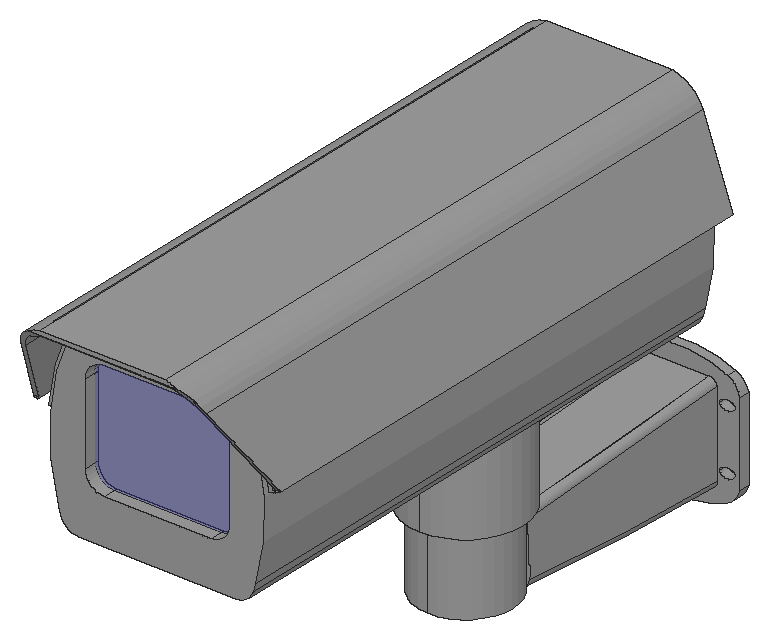
Revit family "SDP-856_RV17_LOD_400", category Электрооборудование, Revit 2017
Family settings
  Конфигурация панели = Два столбца, слева направо
  Размер круглого соединителя = Использовать диаметр
  Тип детали = Щит
  На основе рабочей плоскости = Да
  Всегда вертикально = Нет
  При загрузке вырезать с полостями = Нет
  Общий = Нет
  Точка расчета площади = Нет
Parameters (values of type "SDP-856")
  Чувствительность при светосиле F1.2, Люкс (ч/б) = 0.001
  Чувствительность при светосиле F1.2, Люкс (Цвет) = "0.01"
  Фокусное расстояние объектива, мм = "10-50"
  Управление = "Веб-интерфейс ,Stil-VS"
  Тип крепления объектива = "C/CS"
  Смещение_УГО_Y [instance] = 0 mm
  Смехение_УГО_X [instance] = 0 mm
  Скорость электронного затвора, с = "1/5 – 1/50000"
  Скорость передачи = "50Kбит/с~12Mбит/с"
  Сжатие изображения = "Н.265/ H.264 /MJPEG"
  Сетевой интерфейс = "1 RJ45 10М/100М Ethernet порт"
  Режим день/ночь = "Механический ИК-фильтр с автопереключением"
  Раздел проекта [instance] = ""
  Раздел Спецификации [instance] = ""
  Поддерживаемые сетевые протоколы = "IPv4/IPv6, RTSP/RTP/RTCP, TCP/UDP, HTTP, DHCP, DNS, FTP, DDNS, PPPoE, SMTP, QOS, HTTPS, 802.1x, SNMP, ONVIF2.6.1"
  Default Elevation = 1219.2 mm
  Объектив = "Вариофокальный с автодиафрагмой"
  Напряжение = "12"
  Мощность = "10"
  Матрица = "1/1,8\" Progressive Scan CMOS"
  Максимальное разрешение, пикс = "2592х1944"
  Диапазон рабочих температур, °С = "от –40 до +50"
  Диапазон изменения диафрагмы = "F2-360"
  Горизонтальные углы обзора, ˚ = "40,53-8,49"
  Габаритные размеры с кронштейном, мм = "450x255x140"
  Габаритные размеры без кронштейном, мм = "403x163x140"
  Вертикальный угол [instance] = 0.00°
  В_Смещение_УГО_Y [instance] = Смещение_УГО_Y + 2000 mm  # 2000 mm
  В_Смещение_УГО_X [instance] = Смехение_УГО_X + 2000 mm  # 2000 mm
  В_Вертикальный угол [instance] = if(and(Вертикальный угол > -50.01°, not(Вертикальный угол > 20.00°)), Вертикальный угол, 0.00°)  # 0.00°
  ADSK_Примечание = ""
  ADSK_Наименование = "IP-видеокамера SDP-856"
  ADSK_Масса = 3
  ADSK_Марка = "СТАЕ.426459.037-06"
  ADSK_Количество = 1
  ADSK_Код изделия = ""
  ADSK_Завод-изготовитель = "ООО «Основа Безопасности»"  # constant formula
  ADSK_Единица измерения = "шт."  # constant formula
  ADSK_URL страницы изделия = "https://stilsoft.ru/products/sdp-856"
  ADSK_URL документации изделия = ""
Reference planes
  plane 1 "По центру (Вперед/Назад)": y = 0
  plane 2: z = 0
  plane 3 "По центру (Влево/Вправо)": x = 0
  plane 4 "1": z = 97
  plane 5: y = -175.181
  plane 6: z = 92
  plane 7: y = 0
  plane 8: x = 0
  plane 9: y = 2000
  plane 10: x = -2000
Lines and regions (mm)
  reference lines
    curve 1: line (0, -175.181, 97) -> (0, -370.181, 97)
Dimensions and locks
  locked: plane 9 to plane 1 "По центру (Вперед/Назад)" at 2000
  locked: plane 10 to plane 3 "По центру (Влево/Вправо)" at 2000
  "В_Смещение_УГО_X": plane 10 to plane 8
  "В_Смещение_УГО_Y": plane 9 to plane 7
  "В_Вертикальный угол": angle plane 6 to curve 1
  aligned and locked: level to plane 2
  aligned and locked: plane 5 to curve 1
  aligned and locked: plane 4 "1" to curve 1
  aligned and locked: nested 3 to plane 7
  aligned and locked: plane 8 to nested 3
Nested families
  nested 1: "кронштейн 856" at (0, 0, 0), type "кронштейн CI-800"
  nested 2: "объектив 856_RV17_1" at (0, -175, 97), type "объектив_856"
  nested 3: "УГО_камера" at (0, 0, 0), type "УГО_камера", detail levels coarse
Definition of nested family "кронштейн 856"
  Reference planes
    plane 1 "По центру (Вперед/Назад)": y = 0
    plane 2: z = 0
    plane 3 "По центру (Влево/Вправо)": x = 0
    plane 4 "вверх": z = 97
    plane 5: y = -175
  Forms (mm)
    Extrusion 1, solid, detail levels medium+fine
      sketch origin (0, 0, 0) x (1, 0, 0) y (0, 0, 1)
        loop
          line (40, -26.5) -> (40, 26.5)
          arc (40, 26.5) -> (37.275, 32.187) -> (32.285, 36.042) r 13.646
          arc (32.285, 36.042) -> (0, 43) -> (-32.285, 36.042) r 78.382
          arc (-32.285, 36.042) -> (-37.275, 32.187) -> (-40, 26.5) r 13.646
          line (-40, 26.5) -> (-40, -26.5)
          arc (-40, -26.5) -> (-37.275, -32.187) -> (-32.285, -36.042) r 13.646
          arc (-32.285, -36.042) -> (0, -43) -> (32.285, -36.042) r 78.382
          arc (32.285, -36.042) -> (37.275, -32.187) -> (40, -26.5) r 13.646
        loop
          line (15, 31) -> (-15, 31)
          arc (-15, 31) -> (-20.222, 29.099) -> (-23, 24.285) r 8.123
          line (-23, 24.285) -> (-23, -24.693)
          arc (-23, -24.693) -> (-20.094, -29.234) -> (-15, -31) r 8.227
          line (-15, -31) -> (15, -31)
          arc (15, -31) -> (20.094, -29.234) -> (23, -24.693) r 8.227
          line (23, -24.693) -> (23, 24.285)
          arc (23, 24.285) -> (20.222, 29.099) -> (15, 31) r 8.123
        loop
          spline (37.045, 19.382) -> (36.874, 20.242) -> (36.375, 21.044) -> (35.58, 21.732) -> (34.545, 22.26) -> (33.339, 22.593) -> (32.045, 22.706) -> (30.751, 22.593) -> (29.545, 22.26) -> (28.509, 21.732) -> (27.715, 21.044) -> (27.215, 20.242) -> (27.045, 19.382)
          spline (27.045, 19.382) -> (27.215, 18.522) -> (27.715, 17.72) -> (28.509, 17.032) -> (29.545, 16.504) -> (30.751, 16.171) -> (32.045, 16.058) -> (33.339, 16.171) -> (34.545, 16.504) -> (35.58, 17.032) -> (36.375, 17.72) -> (36.874, 18.522) -> (37.045, 19.382)
        loop
          spline (37.045, -19.382) -> (36.874, -18.522) -> (36.375, -17.72) -> (35.58, -17.032) -> (34.545, -16.504) -> (33.339, -16.171) -> (32.045, -16.058) -> (30.751, -16.171) -> (29.545, -16.504) -> (28.509, -17.032) -> (27.715, -17.72) -> (27.215, -18.522) -> (27.045, -19.382)
          spline (27.045, -19.382) -> (27.215, -20.242) -> (27.715, -21.044) -> (28.509, -21.732) -> (29.545, -22.26) -> (30.751, -22.593) -> (32.045, -22.706) -> (33.339, -22.593) -> (34.545, -22.26) -> (35.58, -21.732) -> (36.375, -21.044) -> (36.874, -20.242) -> (37.045, -19.382)
        loop
          spline (-37.045, 19.382) -> (-36.874, 18.522) -> (-36.375, 17.72) -> (-35.58, 17.032) -> (-34.545, 16.504) -> (-33.339, 16.171) -> (-32.045, 16.058) -> (-30.751, 16.171) -> (-29.545, 16.504) -> (-28.509, 17.032) -> (-27.715, 17.72) -> (-27.215, 18.522) -> (-27.045, 19.382)
          spline (-27.045, 19.382) -> (-27.215, 20.242) -> (-27.715, 21.044) -> (-28.509, 21.732) -> (-29.545, 22.26) -> (-30.751, 22.593) -> (-32.045, 22.706) -> (-33.339, 22.593) -> (-34.545, 22.26) -> (-35.58, 21.732) -> (-36.375, 21.044) -> (-36.874, 20.242) -> (-37.045, 19.382)
        loop
          spline (-37.045, -19.382) -> (-36.874, -20.242) -> (-36.375, -21.044) -> (-35.58, -21.732) -> (-34.545, -22.26) -> (-33.339, -22.593) -> (-32.045, -22.706) -> (-30.751, -22.593) -> (-29.545, -22.26) -> (-28.509, -21.732) -> (-27.715, -21.044) -> (-27.215, -20.242) -> (-27.045, -19.382)
          spline (-27.045, -19.382) -> (-27.215, -18.522) -> (-27.715, -17.72) -> (-28.509, -17.032) -> (-29.545, -16.504) -> (-30.751, -16.171) -> (-32.045, -16.058) -> (-33.339, -16.171) -> (-34.545, -16.504) -> (-35.58, -17.032) -> (-36.375, -17.72) -> (-36.874, -18.522) -> (-37.045, -19.382)
      from 0 to 6.5
    Extrusion 2, solid, detail levels medium+fine
      sketch origin (0, 0, 97) x (-1, 0, 0) y (0, -1, 0)
        loop
          line (40, 220) -> (-40, 220) -> (-40, 140)
          arc (-40, 140) -> (-37.67, 136.421) -> (-33.925, 134.368) r 8.766
          arc (-33.925, 134.368) -> (0.089, 130) -> (34.102, 134.368) r 134.608
          arc (34.102, 134.368) -> (37.781, 136.42) -> (40, 140) r 8.399
          line (40, 140) -> (40, 220)
        loop
          circle (0, 175.181) r 33
        loop
          circle (28.563, 145.26) r 4.5
        loop
          circle (-28.563, 145.26) r 4.5
        loop
          circle (28.563, 206.85) r 4.5
        loop
          circle (-28.563, 206.85) r 4.5
      from 0 to -7
    SweptBlend 3, solid, detail levels medium+fine
      path origin (0, 0, 0) x (0, 1, 0) y (0, 0, 1)
        loop
          arc (-6.5, 32) -> (-81.412, 25.857) -> (-156.5, 22.5) r 2024.342
      profile origin (0, -6.5, 32) x (0, 0.100212, -0.994966) y (1, 0, 0)
        loop
          line (0, 20) -> (0, -20)
          arc (0, -20) -> (1.464, -23.536) -> (5, -25) r 5
          line (5, -25) -> (59.331, -25)
          arc (59.331, -25) -> (62.866, -23.536) -> (64.331, -20) r 5
          line (64.331, -20) -> (64.331, 20)
          arc (64.331, 20) -> (62.866, 23.536) -> (59.331, 25) r 5
          line (59.331, 25) -> (5, 25)
          arc (5, 25) -> (1.464, 23.536) -> (0, 20) r 5
      end profile origin (0, -156.5, 22.5) x (0, 0.026114, -0.999659) y (1, 0, 0)
        loop
          arc (0, -20) -> (1.464, -23.536) -> (5, -25) r 5
          line (5, -25) -> (40, -25)
          arc (40, -25) -> (43.536, -23.536) -> (45, -20) r 5
          line (45, -20) -> (45, 20)
          arc (45, 20) -> (43.536, 23.536) -> (40, 25) r 5
          line (40, 25) -> (5, 25)
          arc (5, 25) -> (1.464, 23.536) -> (0, 20) r 5
          line (0, 20) -> (0, -20)
    Revolve 4, solid, detail levels medium+fine
      sketch origin (0, 0, 0) x (0, 1, 0) y (0, 0, 1)
        loop
          line (-175, 34) -> (-205, 34) -> (-205, -23.3) -> (-199.21, -26) -> (-185.702, -26) -> (-183.843, -27.86) -> (-175, -27.86) -> (-175, 34)
        axis (-175, 34) -> (-175, -27.86)
      angle from 0 to 360
    Revolve 5, solid, detail levels medium+fine
      sketch origin (0, 0, 0) x (0, 1, 0) y (0, 0, 1)
        loop
          line (-175, 90) -> (-211.5, 90) -> (-211.5, 26) -> (-175, 26) -> (-175, 90)
        axis (-175, 90) -> (-175, 26)
      angle from 0 to 360
  Cuts and joins
    joined: SweptBlend 3, Revolve 4
  Dimensions and locks
    aligned and locked: level to plane 2
Definition of nested family "объектив 856_RV17_1"
  Parameters (values of type "объектив_856")
    Default Elevation = 1219.2 mm
    ADSK_Размер_Ширина = 163 mm
    ADSK_Размер_Длина = 403 mm
    ADSK_Размер_Высота = 140 mm
  Reference planes
    plane 1 "По центру (Вперед/Назад)": y = 0
    plane 2: z = 0
    plane 3 "По центру (Влево/Вправо)": x = 0
    plane 4: y = 115
    plane 5 "2": y = -288
    plane 6 "3": x = -81.5
    plane 7: x = 81.5
    plane 8: z = 140
  Forms (mm)
    Extrusion 1, solid
      sketch origin (0, 0, 0) x (1, 0, 0) y (0, 1, 0)
        loop
          line (-1219.2, 1219.2) -> (-1219.2, -1219.2) -> (1219.2, -1219.2) -> (1219.2, 1219.2) -> (-1219.2, 1219.2)
      from 0 to -304.8
    Extrusion 2, solid, detail levels fine
      sketch origin (0, -235, 0) x (-1, 0, 0) y (0, 0, 1)
        loop
          arc (-34, 103.5) -> (-42.485, 99.985) -> (-46, 91.5) r 12
          line (-46, 91.5) -> (-46, 40.5)
          arc (-46, 40.5) -> (-42.485, 32.015) -> (-34, 28.5) r 12
          line (-34, 28.5) -> (34, 28.5)
          arc (34, 28.5) -> (42.485, 32.015) -> (46, 40.5) r 12
          line (46, 40.5) -> (46, 90.5)
          arc (46, 90.5) -> (42.846, 99.627) -> (34, 103.5) r 12.038
          line (34, 103.5) -> (-34, 103.5)
      from -2.157 to 0
    Extrusion 3, void, detail levels medium+fine
      sketch origin (-25.618, -245, 0) x (-1, 0, 0) y (0, 0, 1)
        loop
          arc (-59.618, 103.5) -> (-68.103, 99.985) -> (-71.618, 91.5) r 12
          line (-71.618, 91.5) -> (-71.618, 40.5)
          arc (-71.618, 40.5) -> (-68.103, 32.015) -> (-59.618, 28.5) r 12
          line (-59.618, 28.5) -> (8.382, 28.5)
          arc (8.382, 28.5) -> (16.867, 32.015) -> (20.382, 40.5) r 12
          line (20.382, 40.5) -> (20.382, 91.5)
          arc (20.382, 91.5) -> (16.867, 99.985) -> (8.382, 103.5) r 12
          line (8.382, 103.5) -> (-59.618, 103.5)
      from 0 to 10
    Extrusion 4, solid, detail levels medium+fine
      sketch origin (0, -245, 0) x (-1, 0, 0) y (0, 0, 1)
        loop
          arc (50, 0) -> (57.189, 2.392) -> (61.512, 8.614) r 12
          line (61.512, 8.614) -> (62.923, 13.41)
          arc (62.923, 13.41) -> (68.279, 64.455) -> (55.156, 114.074) r 142.131
          line (55.156, 114.074) -> (49.739, 124.705)
          arc (49.739, 124.705) -> (45.339, 130.361) -> (38.5, 132.5) r 12
          line (38.5, 132.5) -> (-38.5, 132.5)
          arc (-38.5, 132.5) -> (-45.428, 130.298) -> (-49.813, 124.501) r 12
          line (-49.813, 124.501) -> (-55.156, 114.074)
          arc (-55.156, 114.074) -> (-68.308, 64.079) -> (-62.708, 12.686) r 142.131
          line (-62.708, 12.686) -> (-61.249, 7.822)
          arc (-61.249, 7.822) -> (-56.851, 2.148) -> (-50, 0) r 12
          line (-50, 0) -> (50, 0)
      from 0 to 357
    Extrusion 5, solid, detail levels fine
      sketch origin (-0.209, -242, 0.071) x (-1, 0, 0) y (0, 0, 1)
        loop
          arc (38.578, 132.557) -> (45.415, 130.431) -> (49.841, 124.802) r 12.055
          line (49.841, 124.802) -> (54.994, 114.075)
          arc (54.994, 114.075) -> (64.004, 90.706) -> (68.009, 65.983) r 120.955
          line (68.009, 65.983) -> (71.199, 66.175)
          arc (71.199, 66.175) -> (67.1, 91.51) -> (57.876, 115.46) r 124.075
          line (57.876, 115.46) -> (52.723, 126.187)
          arc (52.723, 126.187) -> (47.181, 133.257) -> (38.603, 135.929) r 15.104
          line (38.603, 135.929) -> (-38.269, 135.929)
          arc (-38.269, 135.929) -> (-47.09, 133.239) -> (-52.909, 126.084) r 15.807
          line (-52.909, 126.084) -> (-58.306, 115.554)
          arc (-58.306, 115.554) -> (-66.525, 91.35) -> (-71.618, 66.302) r 201.782
          line (-71.618, 66.302) -> (-68.168, 66.004)
          arc (-68.168, 66.004) -> (-63.792, 90.618) -> (-55.171, 114.084) r 142.14
          line (-55.171, 114.084) -> (-49.83, 124.506)
          arc (-49.83, 124.506) -> (-45.437, 130.34) -> (-38.479, 132.557) r 12.027
          line (-38.479, 132.557) -> (38.578, 132.557)
      from 0 to 355
    Extrusion 6, solid, detail levels fine
      sketch origin (-0.376, -288, -0.281) x (1, 0, 0) y (0, 0, 1)
        loop
          line (-40, 137) -> (40, 137)
          arc (40, 137) -> (50.459, 131.347) -> (57.085, 121.475) r 24.798
          line (57.085, 121.475) -> (75.896, 69.792) -> (78.715, 70.818) -> (59.375, 123.956)
          arc (59.375, 123.956) -> (51.865, 134.608) -> (40, 140) r 24.875
          line (40, 140) -> (-40, 140)
          arc (-40, 140) -> (-51.865, 134.608) -> (-59.375, 123.956) r 24.875
          line (-59.375, 123.956) -> (-78.715, 70.818) -> (-75.896, 69.792) -> (-57.085, 121.475)
          arc (-57.085, 121.475) -> (-50.459, 131.347) -> (-40, 137) r 24.798
      from 0 to -403
    Extrusion 7, void
      sketch origin (-81.5, 0, 1.054) x (0, -1, 0) y (0, 0, 1)
        loop
          line (245, 69.792) -> (245, 67.946) -> (289, 67.946) -> (289, 136) -> (288, 136) -> (245, 69.792)
      from 0 to -170
    Extrusion 8, solid, not visible, detail levels fine
      sketch origin (0, -235, 0) x (-1, 0, 0) y (0, 0, 1)
        loop
          arc (-34, 103.5) -> (-42.485, 99.985) -> (-46, 91.5) r 12
          line (-46, 91.5) -> (-46, 40.5)
          arc (-46, 40.5) -> (-42.485, 32.015) -> (-34, 28.5) r 12
          line (-34, 28.5) -> (34, 28.5)
          arc (34, 28.5) -> (42.485, 32.015) -> (46, 40.5) r 12
          line (46, 40.5) -> (46, 90.5)
          arc (46, 90.5) -> (42.846, 99.627) -> (34, 103.5) r 12.038
          line (34, 103.5) -> (-34, 103.5)
      from 0 to 3
    Extrusion 9, void, not visible, detail levels medium+fine
      sketch origin (0, -245, 0) x (-1, 0, 0) y (0, 0, 1)
        loop
          arc (-34, 103.5) -> (-42.485, 99.985) -> (-46, 91.5) r 12
          line (-46, 91.5) -> (-46, 40.5)
          arc (-46, 40.5) -> (-42.485, 32.015) -> (-34, 28.5) r 12
          line (-34, 28.5) -> (34, 28.5)
          arc (34, 28.5) -> (42.485, 32.015) -> (46, 40.5) r 12
          line (46, 40.5) -> (46, 91.5)
          arc (46, 91.5) -> (42.485, 99.985) -> (34, 103.5) r 12
          line (34, 103.5) -> (-34, 103.5)
      from 0 to 10
    Extrusion 10, solid, not visible, detail levels medium+fine
      sketch origin (0, -245, 0) x (-1, 0, 0) y (0, 0, 1)
        loop
          arc (50, 0) -> (57.189, 2.392) -> (61.512, 8.614) r 12
          line (61.512, 8.614) -> (62.923, 13.41)
          arc (62.923, 13.41) -> (68.279, 64.455) -> (55.156, 114.074) r 142.131
          line (55.156, 114.074) -> (49.739, 124.705)
          arc (49.739, 124.705) -> (45.339, 130.361) -> (38.5, 132.5) r 12
          line (38.5, 132.5) -> (-38.5, 132.5)
          arc (-38.5, 132.5) -> (-45.428, 130.298) -> (-49.813, 124.501) r 12
          line (-49.813, 124.501) -> (-55.156, 114.074)
          arc (-55.156, 114.074) -> (-68.308, 64.079) -> (-62.708, 12.686) r 142.131
          line (-62.708, 12.686) -> (-61.249, 7.822)
          arc (-61.249, 7.822) -> (-56.851, 2.148) -> (-50, 0) r 12
          line (-50, 0) -> (50, 0)
      from 0 to 357
    Extrusion 11, solid, not visible, detail levels fine
      sketch origin (0, -242, 0) x (-1, 0, 0) y (0, 0, 1)
        loop
          arc (38.578, 132.557) -> (45.415, 130.431) -> (49.841, 124.802) r 12.055
          line (49.841, 124.802) -> (54.994, 114.075)
          arc (54.994, 114.075) -> (64.004, 90.706) -> (68.009, 65.983) r 120.955
          line (68.009, 65.983) -> (71.199, 66.175)
          arc (71.199, 66.175) -> (67.1, 91.51) -> (57.876, 115.46) r 124.075
          line (57.876, 115.46) -> (52.723, 126.187)
          arc (52.723, 126.187) -> (47.181, 133.257) -> (38.603, 135.929) r 15.104
          line (38.603, 135.929) -> (-38.269, 135.929)
          arc (-38.269, 135.929) -> (-47.09, 133.239) -> (-52.909, 126.084) r 15.807
          line (-52.909, 126.084) -> (-58.306, 115.554)
          arc (-58.306, 115.554) -> (-66.525, 91.35) -> (-71.618, 66.302) r 201.782
          line (-71.618, 66.302) -> (-68.168, 66.004)
          arc (-68.168, 66.004) -> (-63.792, 90.618) -> (-55.171, 114.084) r 142.14
          line (-55.171, 114.084) -> (-49.83, 124.506)
          arc (-49.83, 124.506) -> (-45.437, 130.34) -> (-38.479, 132.557) r 12.027
          line (-38.479, 132.557) -> (38.578, 132.557)
      from 0 to 355
    Extrusion 12, solid, not visible, detail levels fine
      sketch origin (0, -288, 0) x (1, 0, 0) y (0, 0, 1)
        loop
          line (-40, 137) -> (40, 137)
          arc (40, 137) -> (50.459, 131.347) -> (57.085, 121.475) r 24.798
          line (57.085, 121.475) -> (75.896, 69.792) -> (78.715, 70.818) -> (59.375, 123.956)
          arc (59.375, 123.956) -> (51.865, 134.608) -> (40, 140) r 24.875
          line (40, 140) -> (-40, 140)
          arc (-40, 140) -> (-51.865, 134.608) -> (-59.375, 123.956) r 24.875
          line (-59.375, 123.956) -> (-78.715, 70.818) -> (-75.896, 69.792) -> (-57.085, 121.475)
          arc (-57.085, 121.475) -> (-50.459, 131.347) -> (-40, 137) r 24.798
      from 0 to -403
    Extrusion 13, void, not visible
      sketch origin (-81.5, 0, 0) x (0, -1, 0) y (0, 0, 1)
        loop
          line (245, 69.792) -> (245, 67.946) -> (289, 67.946) -> (289, 136) -> (288, 136) -> (245, 69.792)
      from 0 to -170
    Extrusion 14, solid, not visible
      sketch origin (0, 0, 0) x (1, 0, 0) y (0, 1, 0)
        loop
          circle (0, 0) r 35
      from 0 to -1
    Extrusion 15, solid, not visible, detail levels fine
      sketch origin (0, -235, 0) x (-1, 0, 0) y (0, 0, 1)
        loop
          arc (-34, 103.5) -> (-42.485, 99.985) -> (-46, 91.5) r 12
          line (-46, 91.5) -> (-46, 40.5)
          arc (-46, 40.5) -> (-42.485, 32.015) -> (-34, 28.5) r 12
          line (-34, 28.5) -> (34, 28.5)
          arc (34, 28.5) -> (42.485, 32.015) -> (46, 40.5) r 12
          line (46, 40.5) -> (46, 90.5)
          arc (46, 90.5) -> (42.846, 99.627) -> (34, 103.5) r 12.038
          line (34, 103.5) -> (-34, 103.5)
      from 0 to 3
    Extrusion 16, void, not visible, detail levels medium+fine
      sketch origin (0, -245, 0) x (-1, 0, 0) y (0, 0, 1)
        loop
          arc (-34, 103.5) -> (-42.485, 99.985) -> (-46, 91.5) r 12
          line (-46, 91.5) -> (-46, 40.5)
          arc (-46, 40.5) -> (-42.485, 32.015) -> (-34, 28.5) r 12
          line (-34, 28.5) -> (34, 28.5)
          arc (34, 28.5) -> (42.485, 32.015) -> (46, 40.5) r 12
          line (46, 40.5) -> (46, 91.5)
          arc (46, 91.5) -> (42.485, 99.985) -> (34, 103.5) r 12
          line (34, 103.5) -> (-34, 103.5)
      from 0 to 10
    Extrusion 17, solid, not visible, detail levels medium+fine
      sketch origin (0, -245, 0) x (-1, 0, 0) y (0, 0, 1)
        loop
          arc (50, 0) -> (57.189, 2.392) -> (61.512, 8.614) r 12
          line (61.512, 8.614) -> (62.923, 13.41)
          arc (62.923, 13.41) -> (68.279, 64.455) -> (55.156, 114.074) r 142.131
          line (55.156, 114.074) -> (49.739, 124.705)
          arc (49.739, 124.705) -> (45.339, 130.361) -> (38.5, 132.5) r 12
          line (38.5, 132.5) -> (-38.5, 132.5)
          arc (-38.5, 132.5) -> (-45.428, 130.298) -> (-49.813, 124.501) r 12
          line (-49.813, 124.501) -> (-55.156, 114.074)
          arc (-55.156, 114.074) -> (-68.308, 64.079) -> (-62.708, 12.686) r 142.131
          line (-62.708, 12.686) -> (-61.249, 7.822)
          arc (-61.249, 7.822) -> (-56.851, 2.148) -> (-50, 0) r 12
          line (-50, 0) -> (50, 0)
      from 0 to 357
    Extrusion 18, solid, not visible, detail levels fine
      sketch origin (0, -242, 0) x (-1, 0, 0) y (0, 0, 1)
        loop
          arc (38.578, 132.557) -> (45.415, 130.431) -> (49.841, 124.802) r 12.055
          line (49.841, 124.802) -> (54.994, 114.075)
          arc (54.994, 114.075) -> (64.004, 90.706) -> (68.009, 65.983) r 120.955
          line (68.009, 65.983) -> (71.199, 66.175)
          arc (71.199, 66.175) -> (67.1, 91.51) -> (57.876, 115.46) r 124.075
          line (57.876, 115.46) -> (52.723, 126.187)
          arc (52.723, 126.187) -> (47.181, 133.257) -> (38.603, 135.929) r 15.104
          line (38.603, 135.929) -> (-38.269, 135.929)
          arc (-38.269, 135.929) -> (-47.09, 133.239) -> (-52.909, 126.084) r 15.807
          line (-52.909, 126.084) -> (-58.306, 115.554)
          arc (-58.306, 115.554) -> (-66.525, 91.35) -> (-71.618, 66.302) r 201.782
          line (-71.618, 66.302) -> (-68.168, 66.004)
          arc (-68.168, 66.004) -> (-63.792, 90.618) -> (-55.171, 114.084) r 142.14
          line (-55.171, 114.084) -> (-49.83, 124.506)
          arc (-49.83, 124.506) -> (-45.437, 130.34) -> (-38.479, 132.557) r 12.027
          line (-38.479, 132.557) -> (38.578, 132.557)
      from 0 to 355
    Extrusion 19, solid, not visible, detail levels fine
      sketch origin (0, -288, 0) x (1, 0, 0) y (0, 0, 1)
        loop
          line (-40, 137) -> (40, 137)
          arc (40, 137) -> (50.459, 131.347) -> (57.085, 121.475) r 24.798
          line (57.085, 121.475) -> (75.896, 69.792) -> (78.715, 70.818) -> (59.375, 123.956)
          arc (59.375, 123.956) -> (51.865, 134.608) -> (40, 140) r 24.875
          line (40, 140) -> (-40, 140)
          arc (-40, 140) -> (-51.865, 134.608) -> (-59.375, 123.956) r 24.875
          line (-59.375, 123.956) -> (-78.715, 70.818) -> (-75.896, 69.792) -> (-57.085, 121.475)
          arc (-57.085, 121.475) -> (-50.459, 131.347) -> (-40, 137) r 24.798
      from 0 to -403
    Extrusion 20, void, not visible
      sketch origin (-81.5, 0, 0) x (0, -1, 0) y (0, 0, 1)
        loop
          line (245, 69.792) -> (245, 67.946) -> (289, 67.946) -> (289, 136) -> (288, 136) -> (245, 69.792)
      from 0 to -170
    Extrusion 21, solid, not visible
      sketch origin (0, 0, 0) x (1, 0, 0) y (0, 1, 0)
        loop
          circle (0, 0) r 35
      from 0 to -1
    Extrusion 22, solid, not visible, detail levels fine
      sketch origin (0, -235, 0) x (-1, 0, 0) y (0, 0, 1)
        loop
          arc (-34, 103.5) -> (-42.485, 99.985) -> (-46, 91.5) r 12
          line (-46, 91.5) -> (-46, 40.5)
          arc (-46, 40.5) -> (-42.485, 32.015) -> (-34, 28.5) r 12
          line (-34, 28.5) -> (34, 28.5)
          arc (34, 28.5) -> (42.485, 32.015) -> (46, 40.5) r 12
          line (46, 40.5) -> (46, 90.5)
          arc (46, 90.5) -> (42.846, 99.627) -> (34, 103.5) r 12.038
          line (34, 103.5) -> (-34, 103.5)
      from 0 to 2
    Extrusion 23, void, not visible, detail levels medium+fine
      sketch origin (0, -245, 0) x (-1, 0, 0) y (0, 0, 1)
        loop
          arc (-34, 103.5) -> (-42.485, 99.985) -> (-46, 91.5) r 12
          line (-46, 91.5) -> (-46, 40.5)
          arc (-46, 40.5) -> (-42.485, 32.015) -> (-34, 28.5) r 12
          line (-34, 28.5) -> (34, 28.5)
          arc (34, 28.5) -> (42.485, 32.015) -> (46, 40.5) r 12
          line (46, 40.5) -> (46, 91.5)
          arc (46, 91.5) -> (42.485, 99.985) -> (34, 103.5) r 12
          line (34, 103.5) -> (-34, 103.5)
      from 0 to 10
    Extrusion 24, solid, not visible, detail levels medium+fine
      sketch origin (0, -245, 0) x (-1, 0, 0) y (0, 0, 1)
        loop
          arc (50, 0) -> (57.189, 2.392) -> (61.512, 8.614) r 12
          line (61.512, 8.614) -> (62.923, 13.41)
          arc (62.923, 13.41) -> (68.279, 64.455) -> (55.156, 114.074) r 142.131
          line (55.156, 114.074) -> (49.739, 124.705)
          arc (49.739, 124.705) -> (45.339, 130.361) -> (38.5, 132.5) r 12
          line (38.5, 132.5) -> (-38.5, 132.5)
          arc (-38.5, 132.5) -> (-45.428, 130.298) -> (-49.813, 124.501) r 12
          line (-49.813, 124.501) -> (-55.156, 114.074)
          arc (-55.156, 114.074) -> (-68.308, 64.079) -> (-62.708, 12.686) r 142.131
          line (-62.708, 12.686) -> (-61.249, 7.822)
          arc (-61.249, 7.822) -> (-56.851, 2.148) -> (-50, 0) r 12
          line (-50, 0) -> (50, 0)
      from 0 to 357
    Extrusion 25, solid, not visible, detail levels fine
      sketch origin (0, -242, 0) x (-1, 0, 0) y (0, 0, 1)
        loop
          arc (38.578, 132.557) -> (45.415, 130.431) -> (49.841, 124.802) r 12.055
          line (49.841, 124.802) -> (54.994, 114.075)
          arc (54.994, 114.075) -> (64.004, 90.706) -> (68.009, 65.983) r 120.955
          line (68.009, 65.983) -> (71.199, 66.175)
          arc (71.199, 66.175) -> (67.1, 91.51) -> (57.876, 115.46) r 124.075
          line (57.876, 115.46) -> (52.723, 126.187)
          arc (52.723, 126.187) -> (47.181, 133.257) -> (38.603, 135.929) r 15.104
          line (38.603, 135.929) -> (-38.269, 135.929)
          arc (-38.269, 135.929) -> (-47.09, 133.239) -> (-52.909, 126.084) r 15.807
          line (-52.909, 126.084) -> (-58.306, 115.554)
          arc (-58.306, 115.554) -> (-66.525, 91.35) -> (-71.618, 66.302) r 201.782
          line (-71.618, 66.302) -> (-68.168, 66.004)
          arc (-68.168, 66.004) -> (-63.792, 90.618) -> (-55.171, 114.084) r 142.14
          line (-55.171, 114.084) -> (-49.83, 124.506)
          arc (-49.83, 124.506) -> (-45.437, 130.34) -> (-38.479, 132.557) r 12.027
          line (-38.479, 132.557) -> (38.578, 132.557)
      from 0 to 355
    Extrusion 26, solid, not visible, detail levels fine
      sketch origin (0, -288, 0) x (1, 0, 0) y (0, 0, 1)
        loop
          line (-40, 137) -> (40, 137)
          arc (40, 137) -> (50.459, 131.347) -> (57.085, 121.475) r 24.798
          line (57.085, 121.475) -> (75.896, 69.792) -> (78.715, 70.818) -> (59.375, 123.956)
          arc (59.375, 123.956) -> (51.865, 134.608) -> (40, 140) r 24.875
          line (40, 140) -> (-40, 140)
          arc (-40, 140) -> (-51.865, 134.608) -> (-59.375, 123.956) r 24.875
          line (-59.375, 123.956) -> (-78.715, 70.818) -> (-75.896, 69.792) -> (-57.085, 121.475)
          arc (-57.085, 121.475) -> (-50.459, 131.347) -> (-40, 137) r 24.798
      from 0 to -403
    Extrusion 27, void, not visible
      sketch origin (-81.5, 0, -34.144) x (0, -1, 0) y (0, 0, 1)
        loop
          line (245, 69.792) -> (245, 67.946) -> (289, 67.946) -> (289, 136) -> (288, 136) -> (245, 69.792)
      from 0 to -170
    Extrusion 28, solid, not visible
      sketch origin (0, 0, -34.144) x (1, 0, 0) y (0, 1, 0)
        loop
          circle (0, 0) r 35
      from 0 to -1
    Extrusion 29, solid, not visible, detail levels fine
      sketch origin (-25.618, -235, 95.892) x (-1, 0, 0) y (0, 0, 1)
        loop
          arc (-34, 103.5) -> (-42.485, 99.985) -> (-46, 91.5) r 12
          line (-46, 91.5) -> (-46, 40.5)
          arc (-46, 40.5) -> (-42.485, 32.015) -> (-34, 28.5) r 12
          line (-34, 28.5) -> (34, 28.5)
          arc (34, 28.5) -> (42.485, 32.015) -> (46, 40.5) r 12
          line (46, 40.5) -> (46, 90.5)
          arc (46, 90.5) -> (42.846, 99.627) -> (34, 103.5) r 12.038
          line (34, 103.5) -> (-34, 103.5)
      from 0 to 2
    Extrusion 30, void, not visible, detail levels medium+fine
      sketch origin (-25.618, -245, 95.892) x (-1, 0, 0) y (0, 0, 1)
        loop
          arc (-34, 103.5) -> (-42.485, 99.985) -> (-46, 91.5) r 12
          line (-46, 91.5) -> (-46, 40.5)
          arc (-46, 40.5) -> (-42.485, 32.015) -> (-34, 28.5) r 12
          line (-34, 28.5) -> (34, 28.5)
          arc (34, 28.5) -> (42.485, 32.015) -> (46, 40.5) r 12
          line (46, 40.5) -> (46, 91.5)
          arc (46, 91.5) -> (42.485, 99.985) -> (34, 103.5) r 12
          line (34, 103.5) -> (-34, 103.5)
      from 0 to 10
    Extrusion 31, solid, not visible, detail levels medium+fine
      sketch origin (-25.618, -245, 95.892) x (-1, 0, 0) y (0, 0, 1)
        loop
          arc (50, 0) -> (57.189, 2.392) -> (61.512, 8.614) r 12
          line (61.512, 8.614) -> (62.923, 13.41)
          arc (62.923, 13.41) -> (68.279, 64.455) -> (55.156, 114.074) r 142.131
          line (55.156, 114.074) -> (49.739, 124.705)
          arc (49.739, 124.705) -> (45.339, 130.361) -> (38.5, 132.5) r 12
          line (38.5, 132.5) -> (-38.5, 132.5)
          arc (-38.5, 132.5) -> (-45.428, 130.298) -> (-49.813, 124.501) r 12
          line (-49.813, 124.501) -> (-55.156, 114.074)
          arc (-55.156, 114.074) -> (-68.308, 64.079) -> (-62.708, 12.686) r 142.131
          line (-62.708, 12.686) -> (-61.249, 7.822)
          arc (-61.249, 7.822) -> (-56.851, 2.148) -> (-50, 0) r 12
          line (-50, 0) -> (50, 0)
      from 0 to 357
    Extrusion 32, solid, not visible, detail levels fine
      sketch origin (-22.667, -242, 78.273) x (-1, 0, 0) y (0, 0, 1)
        loop
          arc (38.578, 132.557) -> (45.415, 130.431) -> (49.841, 124.802) r 12.055
          line (49.841, 124.802) -> (54.994, 114.075)
          arc (54.994, 114.075) -> (64.004, 90.706) -> (68.009, 65.983) r 120.955
          line (68.009, 65.983) -> (71.199, 66.175)
          arc (71.199, 66.175) -> (67.1, 91.51) -> (57.876, 115.46) r 124.075
          line (57.876, 115.46) -> (52.723, 126.187)
          arc (52.723, 126.187) -> (47.181, 133.257) -> (38.603, 135.929) r 15.104
          line (38.603, 135.929) -> (-38.269, 135.929)
          arc (-38.269, 135.929) -> (-47.09, 133.239) -> (-52.909, 126.084) r 15.807
          line (-52.909, 126.084) -> (-58.306, 115.554)
          arc (-58.306, 115.554) -> (-66.525, 91.35) -> (-71.618, 66.302) r 201.782
          line (-71.618, 66.302) -> (-68.168, 66.004)
          arc (-68.168, 66.004) -> (-63.792, 90.618) -> (-55.171, 114.084) r 142.14
          line (-55.171, 114.084) -> (-49.83, 124.506)
          arc (-49.83, 124.506) -> (-45.437, 130.34) -> (-38.479, 132.557) r 12.027
          line (-38.479, 132.557) -> (38.578, 132.557)
      from 0 to 355
    Extrusion 33, solid, not visible, detail levels fine
      sketch origin (-30.827, -288, 95.612) x (1, 0, 0) y (0, 0, 1)
        loop
          line (-40, 137) -> (40, 137)
          arc (40, 137) -> (50.459, 131.347) -> (57.085, 121.475) r 24.798
          line (57.085, 121.475) -> (75.896, 69.792) -> (78.715, 70.818) -> (59.375, 123.956)
          arc (59.375, 123.956) -> (51.865, 134.608) -> (40, 140) r 24.875
          line (40, 140) -> (-40, 140)
          arc (-40, 140) -> (-51.865, 134.608) -> (-59.375, 123.956) r 24.875
          line (-59.375, 123.956) -> (-78.715, 70.818) -> (-75.896, 69.792) -> (-57.085, 121.475)
          arc (-57.085, 121.475) -> (-50.459, 131.347) -> (-40, 137) r 24.798
      from 0 to -403
    Extrusion 34, void, not visible
      sketch origin (-81.5, 0, 61.749) x (0, -1, 0) y (0, 0, 1)
        loop
          line (245, 69.792) -> (245, 67.946) -> (289, 67.946) -> (289, 136) -> (288, 136) -> (245, 69.792)
      from 0 to -170
    Extrusion 35, solid, not visible, detail levels fine
      sketch origin (0, -235, 0) x (-1, 0, 0) y (0, 0, 1)
        loop
          arc (-34, 103.5) -> (-42.485, 99.985) -> (-46, 91.5) r 12
          line (-46, 91.5) -> (-46, 40.5)
          arc (-46, 40.5) -> (-42.485, 32.015) -> (-34, 28.5) r 12
          line (-34, 28.5) -> (34, 28.5)
          arc (34, 28.5) -> (42.485, 32.015) -> (46, 40.5) r 12
          line (46, 40.5) -> (46, 90.5)
          arc (46, 90.5) -> (42.846, 99.627) -> (34, 103.5) r 12.038
          line (34, 103.5) -> (-34, 103.5)
      from 0 to 2
    Extrusion 36, void, not visible, detail levels medium+fine
      sketch origin (-25.618, -245, 0) x (-1, 0, 0) y (0, 0, 1)
        loop
          arc (-59.618, 103.5) -> (-68.103, 99.985) -> (-71.618, 91.5) r 12
          line (-71.618, 91.5) -> (-71.618, 40.5)
          arc (-71.618, 40.5) -> (-68.103, 32.015) -> (-59.618, 28.5) r 12
          line (-59.618, 28.5) -> (8.382, 28.5)
          arc (8.382, 28.5) -> (16.867, 32.015) -> (20.382, 40.5) r 12
          line (20.382, 40.5) -> (20.382, 91.5)
          arc (20.382, 91.5) -> (16.867, 99.985) -> (8.382, 103.5) r 12
          line (8.382, 103.5) -> (-59.618, 103.5)
      from 0 to 10
    Extrusion 37, solid, not visible, detail levels medium+fine
      sketch origin (0, -245, 0) x (-1, 0, 0) y (0, 0, 1)
        loop
          arc (50, 0) -> (57.189, 2.392) -> (61.512, 8.614) r 12
          line (61.512, 8.614) -> (62.923, 13.41)
          arc (62.923, 13.41) -> (68.279, 64.455) -> (55.156, 114.074) r 142.131
          line (55.156, 114.074) -> (49.739, 124.705)
          arc (49.739, 124.705) -> (45.339, 130.361) -> (38.5, 132.5) r 12
          line (38.5, 132.5) -> (-38.5, 132.5)
          arc (-38.5, 132.5) -> (-45.428, 130.298) -> (-49.813, 124.501) r 12
          line (-49.813, 124.501) -> (-55.156, 114.074)
          arc (-55.156, 114.074) -> (-68.308, 64.079) -> (-62.708, 12.686) r 142.131
          line (-62.708, 12.686) -> (-61.249, 7.822)
          arc (-61.249, 7.822) -> (-56.851, 2.148) -> (-50, 0) r 12
          line (-50, 0) -> (50, 0)
      from 0 to 357
    Extrusion 38, solid, not visible, detail levels fine
      sketch origin (-0.209, -242, 0.071) x (-1, 0, 0) y (0, 0, 1)
        loop
          arc (38.578, 132.557) -> (45.415, 130.431) -> (49.841, 124.802) r 12.055
          line (49.841, 124.802) -> (54.994, 114.075)
          arc (54.994, 114.075) -> (64.004, 90.706) -> (68.009, 65.983) r 120.955
          line (68.009, 65.983) -> (71.199, 66.175)
          arc (71.199, 66.175) -> (67.1, 91.51) -> (57.876, 115.46) r 124.075
          line (57.876, 115.46) -> (52.723, 126.187)
          arc (52.723, 126.187) -> (47.181, 133.257) -> (38.603, 135.929) r 15.104
          line (38.603, 135.929) -> (-38.269, 135.929)
          arc (-38.269, 135.929) -> (-47.09, 133.239) -> (-52.909, 126.084) r 15.807
          line (-52.909, 126.084) -> (-58.306, 115.554)
          arc (-58.306, 115.554) -> (-66.525, 91.35) -> (-71.618, 66.302) r 201.782
          line (-71.618, 66.302) -> (-68.168, 66.004)
          arc (-68.168, 66.004) -> (-63.792, 90.618) -> (-55.171, 114.084) r 142.14
          line (-55.171, 114.084) -> (-49.83, 124.506)
          arc (-49.83, 124.506) -> (-45.437, 130.34) -> (-38.479, 132.557) r 12.027
          line (-38.479, 132.557) -> (38.578, 132.557)
      from 0 to 355
    Extrusion 39, solid, not visible, detail levels fine
      sketch origin (-0.376, -288, -0.281) x (1, 0, 0) y (0, 0, 1)
        loop
          line (-40, 137) -> (40, 137)
          arc (40, 137) -> (50.459, 131.347) -> (57.085, 121.475) r 24.798
          line (57.085, 121.475) -> (75.896, 69.792) -> (78.715, 70.818) -> (59.375, 123.956)
          arc (59.375, 123.956) -> (51.865, 134.608) -> (40, 140) r 24.875
          line (40, 140) -> (-40, 140)
          arc (-40, 140) -> (-51.865, 134.608) -> (-59.375, 123.956) r 24.875
          line (-59.375, 123.956) -> (-78.715, 70.818) -> (-75.896, 69.792) -> (-57.085, 121.475)
          arc (-57.085, 121.475) -> (-50.459, 131.347) -> (-40, 137) r 24.798
      from 0 to -403
    Extrusion 40, void, not visible
      sketch origin (-81.5, 0, 1.054) x (0, -1, 0) y (0, 0, 1)
        loop
          line (245, 69.792) -> (245, 67.946) -> (289, 67.946) -> (289, 136) -> (288, 136) -> (245, 69.792)
      from 0 to -170
    Extrusion 41, solid, not visible, detail levels fine
      sketch origin (0, -235, 0) x (-1, 0, 0) y (0, 0, 1)
        loop
          arc (-34, 103.5) -> (-42.485, 99.985) -> (-46, 91.5) r 12
          line (-46, 91.5) -> (-46, 40.5)
          arc (-46, 40.5) -> (-42.485, 32.015) -> (-34, 28.5) r 12
          line (-34, 28.5) -> (34, 28.5)
          arc (34, 28.5) -> (42.485, 32.015) -> (46, 40.5) r 12
          line (46, 40.5) -> (46, 90.5)
          arc (46, 90.5) -> (42.846, 99.627) -> (34, 103.5) r 12.038
          line (34, 103.5) -> (-34, 103.5)
      from -2.157 to 0
    Extrusion 42, void, not visible, detail levels medium+fine
      sketch origin (-25.618, -245, 0) x (-1, 0, 0) y (0, 0, 1)
        loop
          arc (-59.618, 103.5) -> (-68.103, 99.985) -> (-71.618, 91.5) r 12
          line (-71.618, 91.5) -> (-71.618, 40.5)
          arc (-71.618, 40.5) -> (-68.103, 32.015) -> (-59.618, 28.5) r 12
          line (-59.618, 28.5) -> (8.382, 28.5)
          arc (8.382, 28.5) -> (16.867, 32.015) -> (20.382, 40.5) r 12
          line (20.382, 40.5) -> (20.382, 91.5)
          arc (20.382, 91.5) -> (16.867, 99.985) -> (8.382, 103.5) r 12
          line (8.382, 103.5) -> (-59.618, 103.5)
      from 0 to 10
    Extrusion 43, solid, not visible, detail levels medium+fine
      sketch origin (0, -245, 0) x (-1, 0, 0) y (0, 0, 1)
        loop
          arc (50, 0) -> (57.189, 2.392) -> (61.512, 8.614) r 12
          line (61.512, 8.614) -> (62.923, 13.41)
          arc (62.923, 13.41) -> (68.279, 64.455) -> (55.156, 114.074) r 142.131
          line (55.156, 114.074) -> (49.739, 124.705)
          arc (49.739, 124.705) -> (45.339, 130.361) -> (38.5, 132.5) r 12
          line (38.5, 132.5) -> (-38.5, 132.5)
          arc (-38.5, 132.5) -> (-45.428, 130.298) -> (-49.813, 124.501) r 12
          line (-49.813, 124.501) -> (-55.156, 114.074)
          arc (-55.156, 114.074) -> (-68.308, 64.079) -> (-62.708, 12.686) r 142.131
          line (-62.708, 12.686) -> (-61.249, 7.822)
          arc (-61.249, 7.822) -> (-56.851, 2.148) -> (-50, 0) r 12
          line (-50, 0) -> (50, 0)
      from 0 to 357
    Extrusion 44, solid, not visible, detail levels fine
      sketch origin (-0.209, -242, 0.071) x (-1, 0, 0) y (0, 0, 1)
        loop
          arc (38.578, 132.557) -> (45.415, 130.431) -> (49.841, 124.802) r 12.055
          line (49.841, 124.802) -> (54.994, 114.075)
          arc (54.994, 114.075) -> (64.004, 90.706) -> (68.009, 65.983) r 120.955
          line (68.009, 65.983) -> (71.199, 66.175)
          arc (71.199, 66.175) -> (67.1, 91.51) -> (57.876, 115.46) r 124.075
          line (57.876, 115.46) -> (52.723, 126.187)
          arc (52.723, 126.187) -> (47.181, 133.257) -> (38.603, 135.929) r 15.104
          line (38.603, 135.929) -> (-38.269, 135.929)
          arc (-38.269, 135.929) -> (-47.09, 133.239) -> (-52.909, 126.084) r 15.807
          line (-52.909, 126.084) -> (-58.306, 115.554)
          arc (-58.306, 115.554) -> (-66.525, 91.35) -> (-71.618, 66.302) r 201.782
          line (-71.618, 66.302) -> (-68.168, 66.004)
          arc (-68.168, 66.004) -> (-63.792, 90.618) -> (-55.171, 114.084) r 142.14
          line (-55.171, 114.084) -> (-49.83, 124.506)
          arc (-49.83, 124.506) -> (-45.437, 130.34) -> (-38.479, 132.557) r 12.027
          line (-38.479, 132.557) -> (38.578, 132.557)
      from 0 to 355
    Extrusion 45, solid, not visible, detail levels fine
      sketch origin (-0.376, -288, -0.281) x (1, 0, 0) y (0, 0, 1)
        loop
          line (-40, 137) -> (40, 137)
          arc (40, 137) -> (50.459, 131.347) -> (57.085, 121.475) r 24.798
          line (57.085, 121.475) -> (75.896, 69.792) -> (78.715, 70.818) -> (59.375, 123.956)
          arc (59.375, 123.956) -> (51.865, 134.608) -> (40, 140) r 24.875
          line (40, 140) -> (-40, 140)
          arc (-40, 140) -> (-51.865, 134.608) -> (-59.375, 123.956) r 24.875
          line (-59.375, 123.956) -> (-78.715, 70.818) -> (-75.896, 69.792) -> (-57.085, 121.475)
          arc (-57.085, 121.475) -> (-50.459, 131.347) -> (-40, 137) r 24.798
      from 0 to -403
    Extrusion 46, void, not visible
      sketch origin (-81.5, 0, 1.054) x (0, -1, 0) y (0, 0, 1)
        loop
          line (245, 69.792) -> (245, 67.946) -> (289, 67.946) -> (289, 136) -> (288, 136) -> (245, 69.792)
      from 0 to -170
  Cuts and joins
    Extrusion 3 cuts Extrusion 4
    Extrusion 7 cuts Extrusion 6
  Dimensions and locks
    "ADSK_Размер_Длина": plane 4 to plane 5 "2"
    "ADSK_Размер_Ширина": plane 6 "3" to plane 7
    "ADSK_Размер_Высота": plane 8 to Extrusion 1
    aligned and locked: plane 2 to Extrusion 1
    aligned and locked: level to Extrusion 1
  Automatic sketch dimensions
    Extrusion 1 sketch curve to Extrusion 1 sketch curve = 2438.4 mm  (x2)
    Extrusion 4 sketch curve to Extrusion 4 sketch curve = 11.512 mm
    Extrusion 4 sketch curve to Extrusion 4 sketch curve = 1.411 mm
    Extrusion 4 sketch curve to Extrusion 4 sketch curve = 12 mm  (x2)
    Extrusion 4 sketch curve to Extrusion 4 sketch curve = 1.459 mm
    Extrusion 5 sketch curve to Extrusion 5 sketch curve = 3.45 mm
    Extrusion 5 sketch curve to Extrusion 5 sketch curve = 3.134 mm
    Extrusion 5 sketch curve to Extrusion 5 sketch curve = 0.074 mm
    Extrusion 5 sketch curve to Extrusion 5 sketch curve = 3.079 mm
    Extrusion 5 sketch curve to Extrusion 5 sketch curve = 0.025 mm
    Extrusion 5 sketch curve to Extrusion 5 sketch curve = 3.19 mm
    Extrusion 5 sketch curve to Extrusion 5 sketch curve = 12.648 mm
    Extrusion 5 sketch curve to Extrusion 5 sketch curve = 0.023 mm
    Extrusion 5 sketch curve to Extrusion 5 sketch curve = 0.323 mm
    Extrusion 5 sketch curve to Extrusion 5 sketch curve = 12.435 mm
    Extrusion 5 sketch curve to Extrusion 5 sketch curve = 0.409 mm
    Extrusion 5 sketch curve to Extrusion 5 sketch curve = 5.397 mm
    Extrusion 5 sketch curve to Extrusion 5 sketch curve = 2.883 mm  (x2)
    Extrusion 5 sketch curve to Extrusion 5 sketch curve = 15.807 mm
    Extrusion 6 sketch curve to Extrusion 6 sketch curve = 2.29 mm  (x2)
    Extrusion 6 sketch curve to Extrusion 6 sketch curve = 2.455 mm  (x2)
    Extrusion 7 sketch curve to Extrusion 7 sketch curve = 1.846 mm
    Extrusion 6 sketch curve to Extrusion 6 sketch curve = 2.217 mm  (x2)
    Extrusion 2 sketch curve to Extrusion 2 sketch curve = 0 mm  (x2)
    Extrusion 2 sketch curve to Extrusion 2 sketch curve = 12 mm  (x3)
    Extrusion 2 sketch curve to Extrusion 2 sketch curve = 68 mm
    Extrusion 2 sketch curve to Extrusion 2 sketch curve = 50 mm
    Extrusion 2 sketch curve to Extrusion 2 sketch curve = 0.962 mm
    Extrusion 3 sketch curve to Extrusion 3 sketch curve = 12 mm  (x3)
    Extrusion 3 sketch curve to Extrusion 3 sketch curve = 68 mm
    Extrusion 3 sketch curve to Extrusion 3 sketch curve = 0 mm
    Extrusion 3 sketch curve to Extrusion 3 sketch curve = 51 mm
    Extrusion 4 sketch curve to Extrusion 4 sketch curve = 10.722 mm
    Extrusion 4 sketch curve to Extrusion 4 sketch curve = 18.274 mm
    Extrusion 4 sketch curve to Extrusion 4 sketch curve = 11.249 mm
    Extrusion 4 sketch curve to Extrusion 4 sketch curve = 5.343 mm
    Extrusion 4 sketch curve to Extrusion 4 sketch curve = 11.313 mm
    Extrusion 4 sketch curve to Extrusion 4 sketch curve = 77 mm
    Extrusion 4 sketch curve to Extrusion 4 sketch curve = 11.239 mm
    Extrusion 4 sketch curve to Extrusion 4 sketch curve = 100 mm
    Extrusion 4 sketch curve to Extrusion 4 sketch curve = 5.417 mm
    Extrusion 4 sketch curve to Extrusion 4 sketch curve = 10.507 mm
    Extrusion 4 sketch curve to Extrusion 4 sketch curve = 7.822 mm
    Extrusion 4 sketch curve to Extrusion 4 sketch curve = 8.614 mm
    Extrusion 4 sketch curve to Extrusion 4 sketch curve = 4.864 mm
    Extrusion 4 sketch curve to Extrusion 4 sketch curve = 4.797 mm
    Extrusion 4 sketch curve to Extrusion 4 sketch curve = 40.11 mm
    Extrusion 4 sketch curve to Extrusion 4 sketch curve = 40.834 mm
    Extrusion 4 sketch curve to Extrusion 4 sketch curve = 6.426 mm
    Extrusion 5 sketch curve to Extrusion 5 sketch curve = 9.862 mm
    Extrusion 5 sketch curve to Extrusion 5 sketch curve = 15.418 mm
    Extrusion 5 sketch curve to Extrusion 5 sketch curve = 11.35 mm
    Extrusion 5 sketch curve to Extrusion 5 sketch curve = 0.21 mm
    Extrusion 5 sketch curve to Extrusion 5 sketch curve = 76.848 mm
    Extrusion 5 sketch curve to Extrusion 5 sketch curve = 11.237 mm
    Extrusion 5 sketch curve to Extrusion 5 sketch curve = 5.153 mm
    Extrusion 5 sketch curve to Extrusion 5 sketch curve = 13.016 mm
    Extrusion 5 sketch curve to Extrusion 5 sketch curve = 2.224 mm
    Extrusion 5 sketch curve to Extrusion 5 sketch curve = 54.844 mm
    Extrusion 5 sketch curve to Extrusion 5 sketch curve = 14.827 mm
    Extrusion 5 sketch curve to Extrusion 5 sketch curve = 7.067 mm
    Extrusion 5 sketch curve to Extrusion 5 sketch curve = 0.192 mm
    Extrusion 5 sketch curve to Extrusion 5 sketch curve = 6.896 mm
    Extrusion 5 sketch curve to Extrusion 5 sketch curve = 0.297 mm
    Extrusion 5 sketch curve to Extrusion 5 sketch curve = 6.038 mm
    Extrusion 5 sketch curve to Extrusion 5 sketch curve = 12.055 mm
    Extrusion 6 sketch curve to Extrusion 6 sketch curve = 2.819 mm  (x2)
    Extrusion 6 sketch curve to Extrusion 6 sketch curve = 19.341 mm
    Extrusion 6 sketch curve to Extrusion 6 sketch curve = 19.375 mm
    Extrusion 6 sketch curve to Extrusion 6 sketch curve = 0 mm  (x3)
    Extrusion 6 sketch curve to Extrusion 6 sketch curve = 4.001 mm  (x2)
    Extrusion 6 sketch curve to Extrusion 6 sketch curve = 67.565 mm
    Extrusion 6 sketch curve to Extrusion 6 sketch curve = 21.086 mm
    Extrusion 6 sketch curve to Extrusion 6 sketch curve = 18.811 mm
    Extrusion 6 sketch curve to Extrusion 6 sketch curve = 1.026 mm
    Extrusion 6 sketch curve to Extrusion 6 sketch curve = 8.482 mm
    Extrusion 7 sketch curve to Extrusion 7 sketch curve = 43 mm
    Extrusion 7 sketch curve to Extrusion 7 sketch curve = 44 mm
    Extrusion 7 sketch curve to Extrusion 7 sketch curve = 68.054 mm
    Extrusion 10 sketch curve to Extrusion 10 sketch curve = 11.512 mm
    Extrusion 10 sketch curve to Extrusion 10 sketch curve = 1.411 mm
    Extrusion 10 sketch curve to Extrusion 10 sketch curve = 12 mm  (x2)
    Extrusion 10 sketch curve to Extrusion 10 sketch curve = 1.459 mm
    Extrusion 11 sketch curve to Extrusion 11 sketch curve = 3.45 mm
    Extrusion 11 sketch curve to Extrusion 11 sketch curve = 3.134 mm
    Extrusion 11 sketch curve to Extrusion 11 sketch curve = 0.074 mm
    Extrusion 11 sketch curve to Extrusion 11 sketch curve = 3.079 mm
    Extrusion 11 sketch curve to Extrusion 11 sketch curve = 0.025 mm
    Extrusion 11 sketch curve to Extrusion 11 sketch curve = 3.19 mm
    Extrusion 11 sketch curve to Extrusion 11 sketch curve = 12.648 mm
    Extrusion 11 sketch curve to Extrusion 11 sketch curve = 0.023 mm
    Extrusion 11 sketch curve to Extrusion 11 sketch curve = 0.323 mm
    Extrusion 11 sketch curve to Extrusion 11 sketch curve = 12.435 mm
    Extrusion 11 sketch curve to Extrusion 11 sketch curve = 0.409 mm
    Extrusion 11 sketch curve to Extrusion 11 sketch curve = 5.397 mm
    Extrusion 11 sketch curve to Extrusion 11 sketch curve = 2.883 mm  (x2)
    Extrusion 11 sketch curve to Extrusion 11 sketch curve = 15.807 mm
    Extrusion 12 sketch curve to Extrusion 12 sketch curve = 2.29 mm  (x2)
    Extrusion 12 sketch curve to Extrusion 12 sketch curve = 2.455 mm  (x2)
    Extrusion 13 sketch curve to Extrusion 13 sketch curve = 1.846 mm
    Extrusion 12 sketch curve to Extrusion 12 sketch curve = 2.217 mm  (x2)
    Extrusion 8 sketch curve to Extrusion 8 sketch curve = 0 mm  (x2)
    Extrusion 8 sketch curve to Extrusion 8 sketch curve = 12 mm  (x3)
    Extrusion 8 sketch curve to Extrusion 8 sketch curve = 68 mm
    Extrusion 8 sketch curve to Extrusion 8 sketch curve = 50 mm
    Extrusion 8 sketch curve to Extrusion 8 sketch curve = 0.962 mm
    Extrusion 9 sketch curve to Extrusion 9 sketch curve = 12 mm  (x3)
    Extrusion 9 sketch curve to Extrusion 9 sketch curve = 68 mm
    Extrusion 9 sketch curve to Extrusion 9 sketch curve = 0 mm
    Extrusion 9 sketch curve to Extrusion 9 sketch curve = 51 mm
    Extrusion 10 sketch curve to Extrusion 10 sketch curve = 10.722 mm
    Extrusion 10 sketch curve to Extrusion 10 sketch curve = 18.274 mm
    Extrusion 10 sketch curve to Extrusion 10 sketch curve = 11.249 mm
    Extrusion 10 sketch curve to Extrusion 10 sketch curve = 5.343 mm
    Extrusion 10 sketch curve to Extrusion 10 sketch curve = 11.313 mm
    Extrusion 10 sketch curve to Extrusion 10 sketch curve = 77 mm
    Extrusion 10 sketch curve to Extrusion 10 sketch curve = 11.239 mm
    Extrusion 10 sketch curve to Extrusion 10 sketch curve = 100 mm
    Extrusion 10 sketch curve to Extrusion 10 sketch curve = 5.417 mm
    Extrusion 10 sketch curve to Extrusion 10 sketch curve = 10.507 mm
    Extrusion 10 sketch curve to Extrusion 10 sketch curve = 7.822 mm
    Extrusion 10 sketch curve to Extrusion 10 sketch curve = 8.614 mm
    Extrusion 10 sketch curve to Extrusion 10 sketch curve = 4.864 mm
    Extrusion 10 sketch curve to Extrusion 10 sketch curve = 4.797 mm
    Extrusion 10 sketch curve to Extrusion 10 sketch curve = 40.11 mm
    Extrusion 10 sketch curve to Extrusion 10 sketch curve = 40.834 mm
    Extrusion 10 sketch curve to Extrusion 10 sketch curve = 6.426 mm
    Extrusion 11 sketch curve to Extrusion 11 sketch curve = 9.862 mm
    Extrusion 11 sketch curve to Extrusion 11 sketch curve = 15.418 mm
    Extrusion 11 sketch curve to Extrusion 11 sketch curve = 11.35 mm
    Extrusion 11 sketch curve to Extrusion 11 sketch curve = 0.21 mm
    Extrusion 11 sketch curve to Extrusion 11 sketch curve = 76.848 mm
    Extrusion 11 sketch curve to Extrusion 11 sketch curve = 11.237 mm
    Extrusion 11 sketch curve to Extrusion 11 sketch curve = 5.153 mm
    Extrusion 11 sketch curve to Extrusion 11 sketch curve = 13.016 mm
    Extrusion 11 sketch curve to Extrusion 11 sketch curve = 2.224 mm
    Extrusion 11 sketch curve to Extrusion 11 sketch curve = 54.844 mm
    Extrusion 11 sketch curve to Extrusion 11 sketch curve = 14.827 mm
    Extrusion 11 sketch curve to Extrusion 11 sketch curve = 7.067 mm
    Extrusion 11 sketch curve to Extrusion 11 sketch curve = 0.192 mm
    Extrusion 11 sketch curve to Extrusion 11 sketch curve = 6.896 mm
    Extrusion 11 sketch curve to Extrusion 11 sketch curve = 0.297 mm
    Extrusion 11 sketch curve to Extrusion 11 sketch curve = 6.038 mm
    Extrusion 11 sketch curve to Extrusion 11 sketch curve = 12.055 mm
    Extrusion 12 sketch curve to Extrusion 12 sketch curve = 2.819 mm  (x2)
    Extrusion 12 sketch curve to Extrusion 12 sketch curve = 19.341 mm
    Extrusion 12 sketch curve to Extrusion 12 sketch curve = 19.375 mm
    Extrusion 12 sketch curve to Extrusion 12 sketch curve = 0 mm  (x3)
    Extrusion 12 sketch curve to Extrusion 12 sketch curve = 4.001 mm  (x2)
    Extrusion 12 sketch curve to Extrusion 12 sketch curve = 67.565 mm
    Extrusion 12 sketch curve to Extrusion 12 sketch curve = 21.086 mm
    Extrusion 12 sketch curve to Extrusion 12 sketch curve = 18.811 mm
    Extrusion 12 sketch curve to Extrusion 12 sketch curve = 1.026 mm
    Extrusion 12 sketch curve to Extrusion 12 sketch curve = 8.482 mm
    Extrusion 13 sketch curve to Extrusion 13 sketch curve = 43 mm
    Extrusion 13 sketch curve to Extrusion 13 sketch curve = 44 mm
    Extrusion 13 sketch curve to Extrusion 13 sketch curve = 68.054 mm
    Extrusion 17 sketch curve to Extrusion 17 sketch curve = 11.512 mm
    Extrusion 17 sketch curve to Extrusion 17 sketch curve = 1.411 mm
    Extrusion 17 sketch curve to Extrusion 17 sketch curve = 12 mm  (x2)
    Extrusion 17 sketch curve to Extrusion 17 sketch curve = 1.459 mm
    Extrusion 18 sketch curve to Extrusion 18 sketch curve = 3.45 mm
    Extrusion 18 sketch curve to Extrusion 18 sketch curve = 3.134 mm
    Extrusion 18 sketch curve to Extrusion 18 sketch curve = 0.074 mm
    Extrusion 18 sketch curve to Extrusion 18 sketch curve = 3.079 mm
    Extrusion 18 sketch curve to Extrusion 18 sketch curve = 0.025 mm
    Extrusion 18 sketch curve to Extrusion 18 sketch curve = 3.19 mm
    Extrusion 18 sketch curve to Extrusion 18 sketch curve = 12.648 mm
    Extrusion 18 sketch curve to Extrusion 18 sketch curve = 0.023 mm
    Extrusion 18 sketch curve to Extrusion 18 sketch curve = 0.323 mm
    Extrusion 18 sketch curve to Extrusion 18 sketch curve = 12.435 mm
    Extrusion 18 sketch curve to Extrusion 18 sketch curve = 0.409 mm
    Extrusion 18 sketch curve to Extrusion 18 sketch curve = 5.397 mm
    Extrusion 18 sketch curve to Extrusion 18 sketch curve = 2.883 mm  (x2)
    Extrusion 18 sketch curve to Extrusion 18 sketch curve = 15.807 mm
    Extrusion 19 sketch curve to Extrusion 19 sketch curve = 2.29 mm  (x2)
    Extrusion 19 sketch curve to Extrusion 19 sketch curve = 2.455 mm  (x2)
    Extrusion 20 sketch curve to Extrusion 20 sketch curve = 1.846 mm
    Extrusion 19 sketch curve to Extrusion 19 sketch curve = 2.217 mm  (x2)
    Extrusion 15 sketch curve to Extrusion 15 sketch curve = 0 mm  (x2)
    Extrusion 15 sketch curve to Extrusion 15 sketch curve = 12 mm  (x3)
    Extrusion 15 sketch curve to Extrusion 15 sketch curve = 68 mm
    Extrusion 15 sketch curve to Extrusion 15 sketch curve = 50 mm
    Extrusion 15 sketch curve to Extrusion 15 sketch curve = 0.962 mm
    Extrusion 16 sketch curve to Extrusion 16 sketch curve = 12 mm  (x3)
    Extrusion 16 sketch curve to Extrusion 16 sketch curve = 68 mm
    Extrusion 16 sketch curve to Extrusion 16 sketch curve = 0 mm
    Extrusion 16 sketch curve to Extrusion 16 sketch curve = 51 mm
    Extrusion 17 sketch curve to Extrusion 17 sketch curve = 10.722 mm
    Extrusion 17 sketch curve to Extrusion 17 sketch curve = 18.274 mm
    Extrusion 17 sketch curve to Extrusion 17 sketch curve = 11.249 mm
    Extrusion 17 sketch curve to Extrusion 17 sketch curve = 5.343 mm
    Extrusion 17 sketch curve to Extrusion 17 sketch curve = 11.313 mm
    Extrusion 17 sketch curve to Extrusion 17 sketch curve = 77 mm
    Extrusion 17 sketch curve to Extrusion 17 sketch curve = 11.239 mm
    Extrusion 17 sketch curve to Extrusion 17 sketch curve = 100 mm
    Extrusion 17 sketch curve to Extrusion 17 sketch curve = 5.417 mm
    Extrusion 17 sketch curve to Extrusion 17 sketch curve = 10.507 mm
    Extrusion 17 sketch curve to Extrusion 17 sketch curve = 7.822 mm
    Extrusion 17 sketch curve to Extrusion 17 sketch curve = 8.614 mm
    Extrusion 17 sketch curve to Extrusion 17 sketch curve = 4.864 mm
    Extrusion 17 sketch curve to Extrusion 17 sketch curve = 4.797 mm
    Extrusion 17 sketch curve to Extrusion 17 sketch curve = 40.11 mm
    Extrusion 17 sketch curve to Extrusion 17 sketch curve = 40.834 mm
    Extrusion 17 sketch curve to Extrusion 17 sketch curve = 6.426 mm
    Extrusion 18 sketch curve to Extrusion 18 sketch curve = 9.862 mm
    Extrusion 18 sketch curve to Extrusion 18 sketch curve = 15.418 mm
    Extrusion 18 sketch curve to Extrusion 18 sketch curve = 11.35 mm
    Extrusion 18 sketch curve to Extrusion 18 sketch curve = 0.21 mm
    Extrusion 18 sketch curve to Extrusion 18 sketch curve = 76.848 mm
    Extrusion 18 sketch curve to Extrusion 18 sketch curve = 11.237 mm
    Extrusion 18 sketch curve to Extrusion 18 sketch curve = 5.153 mm
    Extrusion 18 sketch curve to Extrusion 18 sketch curve = 13.016 mm
    Extrusion 18 sketch curve to Extrusion 18 sketch curve = 2.224 mm
    Extrusion 18 sketch curve to Extrusion 18 sketch curve = 54.844 mm
    Extrusion 18 sketch curve to Extrusion 18 sketch curve = 14.827 mm
    Extrusion 18 sketch curve to Extrusion 18 sketch curve = 7.067 mm
    Extrusion 18 sketch curve to Extrusion 18 sketch curve = 0.192 mm
    Extrusion 18 sketch curve to Extrusion 18 sketch curve = 6.896 mm
    Extrusion 18 sketch curve to Extrusion 18 sketch curve = 0.297 mm
    Extrusion 18 sketch curve to Extrusion 18 sketch curve = 6.038 mm
    Extrusion 18 sketch curve to Extrusion 18 sketch curve = 12.055 mm
    Extrusion 19 sketch curve to Extrusion 19 sketch curve = 2.819 mm  (x2)
    Extrusion 19 sketch curve to Extrusion 19 sketch curve = 19.341 mm
    Extrusion 19 sketch curve to Extrusion 19 sketch curve = 19.375 mm
    Extrusion 19 sketch curve to Extrusion 19 sketch curve = 0 mm  (x3)
    Extrusion 19 sketch curve to Extrusion 19 sketch curve = 4.001 mm  (x2)
    Extrusion 19 sketch curve to Extrusion 19 sketch curve = 67.565 mm
